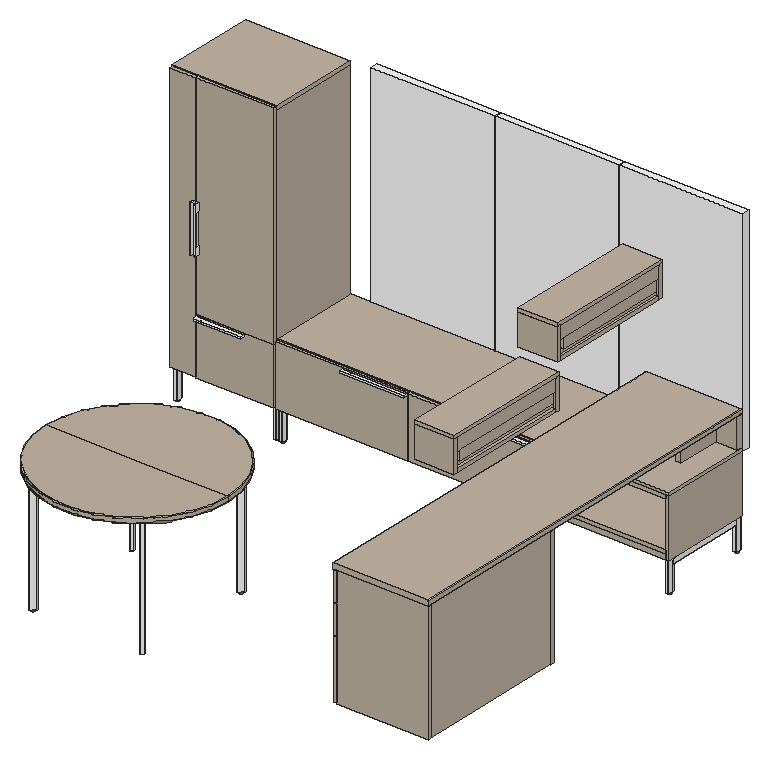
Revit family "FLT005", category Furniture, Revit 2019 (continued)
Definition of nested family "JSI-Flux_9_D_Wall_Mount_Cub"
  Dimensions and locks (in)
    aligned and locked: curve 13 to Extrusion 10
    aligned and locked: curve 14 to Extrusion 6
    aligned and locked: curve 15 to Extrusion 6
    aligned and locked: curve 16 to Extrusion 7
    aligned and locked: curve 17 to Extrusion 7
    aligned and locked: curve 18 to Extrusion 10
    aligned and locked: curve 19 to Extrusion 10
  Automatic sketch dimensions
    Extrusion 6 sketch curve to Extrusion 6 sketch curve = 0' - 0 3/4"
    Extrusion 6 sketch curve to Extrusion 6 sketch curve = 0' - 7 7/16"
    Extrusion 7 sketch curve to Extrusion 7 sketch curve = 0' - 0 3/4"
    Extrusion 7 sketch curve to Extrusion 7 sketch curve = 0' - 7 7/16"
    Extrusion 10 sketch curve to Extrusion 10 sketch curve = 0' - 0 3/4"
    Extrusion 10 sketch curve to Extrusion 10 sketch curve = 0' - 7 7/16"
    curve 8 to curve 14 = 0' - 0 3/4"
    curve 15 to curve 9 = 0' - 7 7/16"
    curve 10 to curve 16 = 0' - 0 3/4"
    curve 17 to curve 11 = 0' - 7 7/16"
    curve 12 to curve 18 = 0' - 0 3/4"
    curve 19 to curve 13 = 0' - 7 7/16"
  Nested families (in)
    nested 1: "Label 1-16 OH" at (11.93587, 1.75, 0), type "OH DOORS"
  Definition of nested family "Label 1-16 OH"
    Parameters
      Width = 0' - 1"
      Model Name = "6 Doors"
    Reference planes (in)
      plane 1: y = 0
      plane 2: x = 0
    Text (in)
      label "XX" at (0.00051, -0.12324, 0), shows "Model Name"
Definition of nested family "JSI-Flux-Round_Table"
  Parameters (values of type "FLT4242RT,Laminate 42x42 Round Table")
    Worksurface = none
    Width = 3' - 6"
    URL = "www.jsifurniture.com"
    Type Comments = ""
    Series = "FLUX"  # constant formula
    Legs = none
    Model = "FLT4242RT"
    Material = ""
    Manufacturer = "JSI"  # constant formula
    Keynote = "12500"
    JSI Enviromental Website = "http://www.jsifurniture.com/jsi_sustainability_intro.php"
    Height = 2' - 5"
    Glides = none
    Description = "Round Table, Depth 42”, Width 42”, Height 29”, Laminate"
    Depth = 3' - 6"
    Assembly Code = "E2020200"
  Types (4): name | Width | Model | Description | Depth
    FLT4242RT,Laminate 42x42 Round Table | 3' - 6" | "FLT4242RT" | "Round Table, Depth 42”, Width 42”, Height 29”, Laminate" | 3' - 6"
    FLT4848RT,Laminate 48x48 Round Table | 4' - 0" | "FLT4848RT" | "Round Table, Depth 48”, Width 48”, Height 29”, Laminate" | 4' - 0"
    FLV4242RT,Veneer 42x42 Round Table | 3' - 6" | "FLV4242RT" | "Round Table, Depth 42”, Width 42”, Height 29”, Venner" | 3' - 6"
    FLV4848RT,Veneer 48x48 Round Table | 4' - 0" | "FLV4848RT" | "Round Table, Depth 48”, Width 48”, Height 29”, Venner" | 4' - 0"
  Reference planes (in)
    plane 1: z = 0
    plane 2 "Center (Left/Right)": x = -36.06413
    plane 3: z = 29
    plane 4: z = 27.8125
    plane 5 "Center (Front/Back)": y = 10.75
    plane 6: z = 0.3125
    plane 7: y = 31.75
    plane 8: y = -10.25
    plane 9: x = -57.06413
    plane 10: x = -15.06413
    plane 11: x = -48.32195
    plane 12: y = 24.83038
    plane 13: x = -23.80632
    plane 14: y = 24.83038
    plane 15: x = -23.80632
    plane 16: y = -3.33038
    plane 17: x = -48.32195
    plane 18: y = -3.33038
  Forms (in)
    Revolve 1, solid, material <- "Worksurface"
      sketch origin (0, 10.75, 0) x (1, 0, 0) y (0, 0, 1)
        loop
          line (-36.06413, 29) -> (-56.93913, 29)
          arc (-56.93913, 29) -> (-57.02752, 28.96339) -> (-57.06413, 28.875) r 0.125
          line (-57.06413, 28.875) -> (-57.06413, 27.9375)
          arc (-57.06413, 27.9375) -> (-57.02752, 27.84911) -> (-56.93913, 27.8125) r 0.125
          line (-56.93913, 27.8125) -> (-36.06413, 27.8125) -> (-36.06413, 29)
        axis (-36.06413, 29) -> (-36.06413, 27.8125)
      angle from 0 to 360
  Lines and regions (in)
    symbolic lines
      curve 1: circle (-36.06413, 10.75, 0) r 21 normal (0, 0, 1)
  Dimensions and locks (in)
    "Height": plane 3 to level
    locked: plane 3 to plane 4 at 1.1875
    equal spacing: plane 9, plane 2 "Center (Left/Right)", plane 10
    "Width": plane 9 to plane 10
    equal spacing: plane 7, plane 5 "Center (Front/Back)", plane 8
    "Depth": plane 7 to plane 8
    equal spacing: plane 11, plane 2 "Center (Left/Right)", plane 13
    equal spacing: plane 12, plane 5 "Center (Front/Back)", plane 18
    equal spacing: plane 14, plane 5 "Center (Front/Back)", plane 16
    locked: plane 9 to plane 11 at 8.74219
    equal spacing: plane 17, plane 2 "Center (Left/Right)", plane 15
    locked: plane 9 to plane 17 at 8.74219
    locked: plane 8 to plane 18 at 6.91962
    locked: plane 8 to plane 16 at 6.91962
    "Width": diameter of curve 1
    aligned and locked: level to plane 1
    aligned and locked: plane 3 to Revolve 1 sketch curve
    aligned and locked: Revolve 1 sketch curve to plane 4
    aligned and locked: Revolve 1 sketch curve to plane 9
    aligned and locked: plane 12 to nested 1
    aligned and locked: plane 11 to nested 1
    aligned and locked: nested 2 to plane 14
    aligned and locked: nested 2 to plane 13
    aligned and locked: plane 16 to nested 3
    aligned and locked: plane 15 to nested 3
    aligned and locked: nested 4 to plane 18
    aligned and locked: nested 4 to plane 17
  Automatic sketch dimensions
    curve 1 to plane 2 "Center (Left/Right)" = 0' - 0"
    plane 5 "Center (Front/Back)" to curve 1 = 0' - 0"
    Revolve 1 sketch curve to plane 2 "Center (Left/Right)" = 0' - 0"  (x2)
    plane 9 to Revolve 1 sketch curve = 0' - 0 1/8"
    plane 4 to Revolve 1 sketch curve = 0' - 0 1/8"
    plane 4 to Revolve 1 sketch curve = 0' - 0.54218"
    Revolve 1 sketch curve to Revolve 1 sketch curve = 0' - 0 1/4"
  Nested families (in)
    nested 1: "Leg" at (-48.32195, 24.83038, 0) x (0, -1, 0) z (0, 0, 1), Legs <- "Legs", Glide <- "Glides", type "LG"
      with Legs none, Glide none
    nested 2: "Leg" at (-23.80632, 24.83038, 0) x (0, -1, 0) z (0, 0, 1), Legs <- "Legs", Glide <- "Glides", type "LG"
      with Legs none, Glide none
    nested 3: "Leg" at (-23.80632, -3.33038, 0) x (0, 1, 0) z (0, 0, 1), Legs <- "Legs", Glide <- "Glides", type "LG"
      with Legs none, Glide none
    nested 4: "Leg" at (-48.32195, -3.33038, 0) x (0, 1, 0) z (0, 0, 1), Legs <- "Legs", Glide <- "Glides", type "LG"
      with Legs none, Glide none
  Definition of nested family "Leg"
    Parameters
      Legs [instance] = none
      Glide [instance] = none
    Reference planes (in)
      plane 1 "Center (Front/Back)": y = 0
      plane 2: z = 0
      plane 3 "Center (Left/Right)": x = 0
      plane 4: x = -0.88352
      plane 5: x = 0.65569
      plane 6: y = 0.46982
      plane 7: y = -1.06939
    Forms (in)
      Extrusion 1, solid, material <- "Legs"
        sketch origin (34.9997, 9.50018, 0) x (1, 0, 0) y (0, 1, 0)
          loop
            arc (-30.38391, -10.50689) -> (-30.11713, -10.39543) -> (-30.00893, -10.12732) r 0.375
            arc (-30.00893, -10.12732) -> (-31.62105, -6.30369) -> (-35.44602, -4.69477) r 5.49995
            arc (-35.44602, -4.69477) -> (-35.71119, -4.80461) -> (-35.82102, -5.06977) r 0.375
            line (-35.82102, -5.06977) -> (-35.82102, -9.69623)
            arc (-35.82102, -9.69623) -> (-35.79769, -9.8018) -> (-35.73264, -9.88817) r 0.25458
            line (-35.73264, -9.88817) -> (-34.89295, -9.04848)
            arc (-34.89295, -9.04848) -> (-34.84875, -9.03018) -> (-34.80456, -9.04848) r 0.0625
            line (-34.80456, -9.04848) -> (-34.36262, -9.49042)
            arc (-34.36262, -9.49042) -> (-34.34431, -9.53462) -> (-34.36262, -9.57881) r 0.0625
            line (-34.36262, -9.57881) -> (-35.20231, -10.4185)
            arc (-35.20231, -10.4185) -> (-35.11594, -10.48355) -> (-35.01036, -10.50689) r 0.25458
            line (-35.01036, -10.50689) -> (-30.38391, -10.50689)
        from 27.625 to 27.8125
      Sweep 2, solid, material <- "Legs"
        path origin (34.28359, 17.38176, 0) x (0.707107, 0.707107, 0) y (0, 0, 1)
          loop
            line (-35.2498, 0.3125) -> (-35.2498, 27.8125)
        profile origin (9.35821, -7.54361, 14.0625) x (-0.707107, -0.707107, 0) y (0.707107, -0.707107, 0)
          loop
            line (0.82565, -11.50781) -> (0.82565, -12.13281)
            arc (0.82565, -12.13281) -> (0.84395, -12.17701) -> (0.88815, -12.19531) r 0.0625
            line (0.88815, -12.19531) -> (2.26315, -12.19531)
            arc (2.26315, -12.19531) -> (2.30734, -12.17701) -> (2.32565, -12.13281) r 0.0625
            line (2.32565, -12.13281) -> (2.32565, -11.50781)
            arc (2.32565, -11.50781) -> (2.30734, -11.46362) -> (2.26315, -11.44531) r 0.0625
            line (2.26315, -11.44531) -> (0.88815, -11.44531)
            arc (0.88815, -11.44531) -> (0.84395, -11.46362) -> (0.82565, -11.50781) r 0.0625
      Extrusion 3, solid, material <- "Glide"
        sketch origin (0, 0, 0) x (1, 0, 0) y (0, 1, 0)
          loop
            circle (-0.10172, -0.29499) r 0.44922
        from 0 to 0.3125
    Lines and regions (in)
      symbolic lines, detail levels fine
        curve 1: line (0.10705, 0.45152, 0) -> (-0.86522, -0.52075, 0)
        curve 2: arc (-0.86522, -0.52075, 0) -> (-0.88352, -0.56495, 0) -> (-0.86522, -0.60914, 0) r 0.0625
        curve 3: line (-0.86522, -0.60914, 0) -> (-0.42328, -1.05108, 0)
        curve 4: arc (-0.42328, -1.05108, 0) -> (-0.37908, -1.06939, 0) -> (-0.33489, -1.05108, 0) r 0.0625
        curve 5: line (-0.33489, -1.05108, 0) -> (0.63738, -0.07881, 0)
        curve 6: arc (0.63738, -0.07881, 0) -> (0.65569, -0.03462, 0) -> (0.63738, 0.00958, 0) r 0.0625
        curve 7: line (0.63738, 0.00958, 0) -> (0.19544, 0.45152, 0)
        curve 8: arc (0.19544, 0.45152, 0) -> (0.15125, 0.46982, 0) -> (0.10705, 0.45152, 0) r 0.0625
        curve 9: arc (4.99076, -0.62713, 0) -> (3.37865, 3.19649, 0) -> (-0.44633, 4.80541, 0) r 5.49995
        curve 10: arc (-0.44633, 4.80541, 0) -> (-0.71149, 4.69558, 0) -> (-0.82133, 4.43041, 0) r 0.375
        curve 11: line (-0.82133, 4.43041, 0) -> (-0.82133, -0.19605, 0)
        curve 12: arc (-0.82133, -0.19605, 0) -> (-0.79799, -0.30162, 0) -> (-0.73294, -0.38799, 0) r 0.25458
        curve 13: line (-0.73294, -0.38799, 0) -> (0.10675, 0.4517, 0)
        curve 14: arc (0.10675, 0.4517, 0) -> (0.15094, 0.47001, 0) -> (0.19514, 0.4517, 0) r 0.0625
        curve 15: line (0.19514, 0.4517, 0) -> (0.63708, 0.00976, 0)
        curve 16: arc (0.63708, 0.00976, 0) -> (0.65538, -0.03443, 0) -> (0.63708, -0.07863, 0) r 0.0625
        curve 17: line (0.63708, -0.07863, 0) -> (-0.20261, -0.91832, 0)
        curve 18: arc (-0.20261, -0.91832, 0) -> (-0.11624, -0.98337, 0) -> (-0.01067, -1.00671, 0) r 0.25458
        curve 19: line (-0.01067, -1.00671, 0) -> (4.61579, -1.00671, 0)
        curve 20: arc (4.61579, -1.00671, 0) -> (4.88257, -0.89525, 0) -> (4.99076, -0.62713, 0) r 0.375
        curve 21: circle (-0.10172, -0.29499, 0) r 0.44922 normal (0, 0, 1)
    Dimensions and locks (in)
      aligned and locked: plane 2 to level
      aligned and locked: curve 9 to Extrusion 1
      aligned and locked: curve 10 to Extrusion 1
      aligned and locked: curve 11 to Extrusion 1
      aligned and locked: curve 12 to Extrusion 1
      aligned and locked: curve 13 to Extrusion 1
      aligned and locked: curve 14 to Extrusion 1
      aligned and locked: curve 15 to Extrusion 1
      aligned and locked: curve 16 to Extrusion 1
      aligned and locked: curve 17 to Extrusion 1
      aligned and locked: curve 18 to Extrusion 1
      aligned and locked: curve 19 to Extrusion 1
      aligned and locked: curve 20 to Extrusion 1
      aligned and locked: curve 21 to Extrusion 3
Definition of nested family "JSI-Flux-Pensl_Crednz"
  Parameters (values of type "Type Catalog - Pnsl Crdnz")
    Width = 8' - 0"
    V_Top_Support_Dist = if(Pdst_L, Width - 0' 0 1/16" - 0' 1 3/16", 0' 0 1/16")  # 7' - 10 3/4"
    V_Door_Void_Dist = if(C7, (if(Pdst_Width > 1' 10", 0' 0", 0' 2")), (if(C8, 0' 0", 0' 2")))  # 0' - 2"
    Top_V_Door_Void_Dist = if(C, 0' 0", 0' 2")  # 0' - 2"
    Top_Right_Pull_Dist = if(C3, (if(Width > 4' 6", (if(Pdst_L, Pdst_Width - 0' 0 7/32" - Pull Width, 0' 0 7/32")), ((Pdst_Width - Pull Width) / 2))), if(C4, (if(Width > 4' 6", (if(Pdst_L, Pdst_Width - 0' 0 7/32" - Pull Width, 0' 0 7/32")), ((Pdst_Width - Pull Width) / 2))), ((if(Pdst_Width > 1' 10", (Pdst_Width / 2) + 0' 0 7/32", (if(C7, (if(L, (Pdst_Width - Pull Width - 0' 0 7/32"), 0' 0 7/32")), (if(Width > 4' 6", (if(Pdst_L, Pdst_Width - 0' 0 7/32" - Pull Width, 0' 0 7/32")), ((Pdst_Width - Pull Width) / 2))))))))))  # 1' - 8 29/32"
    Top_Left_Pull_Dist = if(C3, (if(Width > 4' 6", (if(Pdst_L, Pdst_Width - 0' 0 7/32" - Pull Width, 0' 0 7/32")), ((Pdst_Width - Pull Width) / 2))), if(C4, (if(Width > 4' 6", (if(Pdst_L, Pdst_Width - 0' 0 7/32" - Pull Width, 0' 0 7/32")), ((Pdst_Width - Pull Width) / 2))), (if(Pdst_Width > 1' 10", ((Pdst_Width / 2) - 0' 0 7/32" - Pull Width), (if(C7, (if(L, (Pdst_Width - Pull Width - 0' 0 7/32"), 0' 0 7/32")), (if(Width > 4' 6", (if(Pdst_L, Pdst_Width - 0' 0 7/32" - Pull Width, 0' 0 7/32")), ((Pdst_Width - Pull Width) / 2)))))))))  # 1' - 8 29/32"
    Top Shelf = if(C8, 2 > 1, 1 > 2)  # no
    Top Pull V_Dist = if(C8, 0' 7 5/64", 0' 0 3/16")  # 0' - 0 3/16"
    Top Door = if(C8, 1 > 2, (if(C0, 1 > 2, 2 > 1)))  # yes
    Top = none
    URL = "www.jsifurniture.com"
    Type Comments = ""
    T_R_Pull = if(C0, 1 > 2, 2 > 1)  # yes
    T_L_Pull = if(C0, 1 > 2, 2 > 1)  # yes
    TAG = if(C1, "BBF", (if(C2, "FF", (if(C3, "BBF", (if(C4, "FF", (if(C8, "2 Doors", (if(C0, "Open", (if(C, "BBF", (if(C7, (if(Pdst_Width > 1' 10", "2 Doors", "1 Door")), "2 Doors")))))))))))))))  # "BBF"
    Shelf Height = if(Top Shelf, 1' 0 17/32", 0' 11 3/32")  # 0' - 11 3/32"
    Shelf = none
    Series = "FLUX"  # constant formula
    R_Door_Void_Dist = if(C1, 0' 0", (if(C3, 0' 0", (if(C, (if(L, 0' 0", 0' 2")), 0' 2")))))  # 0' - 0"
    Pull Width = if(C4, 1' 2 7/8", (if(C3, 1' 2 7/8", 0' 10 27/32")))  # 1' - 2 7/8"
    Pull Finish = none
    Pdst_Width = if(C1, 1' 6", (if(C2, 1' 6", 3' 0")))  # 3' - 0"
    Pdst_L = yes
    Pdst_Dist = if(Pdst_L, 0' 0 1/16", Width - Pdst_Width - 0' 0 1/16")  # 0' - 0 1/16"
    Pdst_Depth = Depth - 0' 0 1/4"  # 1' - 9 13/16"
    Model = ""
    Manufacturer = "JSI"  # constant formula
    C8 = no
    C7 = no
    C4 = no
    C3 = yes
    C2 = no
    C1 = no
    C0 = no
    C = no
    L_Door_Void_Dist = if(C1, 0' 0", (if(C3, 0' 0", (if(C, (if(L, 0' 2", 0' 0")), 0' 2")))))  # 0' - 0"
    L = no
    Keynote = "12500"
    JSI Enviromental Website = "http://www.jsifurniture.com/jsi_sustainability_intro.php"
    Height = 2' - 5"
    H_Top_Support_Dist = if(Pdst_L, Width - 0' 1 3/16" - 0' 10" - 0' 0 1/16", 0' 0 1/16" + 0' 1 3/16")  # 7' - 0 3/4"
    Glides = none
    Drawer Line = if(C1, 2 > 1, (if(C2, 2 > 1, (if(C3, 2 > 1, (if(C4, 2 > 1, (if(C, 2 > 1, (if(C7, (if(Pdst_Width > 1' 10", 1 > 2, 2 > 1)), 1 > 2)))))))))))  # yes
    Doors Line = if(C, 2 > 1, 1 > 2)  # no
    Door Line = if(C7, (if(Pdst_Width > 1' 10", 2 > 1, 1 > 2)), (if(C8, 2 > 1, (if(C, 2 > 1, 1 > 2)))))  # no
    Door Height = if(C7, (Height - 0' 0 5/16" - 0' 0 1/4" - 0' 1 3/16"), (if(C8, (Height - 0' 0 5/16" - 0' 7 3/32" - 0' 1 3/16"), (Height - 0' 0 5/16" - 0' 0 1/4" - 0' 0 1/8" - 0' 1 3/16") / 2)))  # 1' - 1 9/16"
    Depth = 1' - 10 1/16"
    C_Shelf = if(C0, 2 > 1, (if(C1, 2 > 1, (if(C2, 2 > 1, (if(C7, 2 > 1, (if(C8, 2 > 1, 1 > 2)))))))))  # no
    C_Pull_Dist = if(C, (if(L, ((Pdst_Width / 2) + 0' 0 7/32"), ((Pdst_Width / 2) - 0' 0 7/32" - Pull Width))), (if(C1, (if(Width > 4' 6", (if(Pdst_L, Pdst_Width - 0' 0 7/32" - Pull Width, 0' 0 7/32")), ((Pdst_Width - Pull Width) / 2))), (if(C3, (if(Width > 4' 6", (if(Pdst_L, Pdst_Width - 0' 0 7/32" - Pull Width, 0' 0 7/32")), ((Pdst_Width - Pull Width) / 2))), Pdst_Width)))))  # 1' - 8 29/32"
    C_Pull = if(C, 2 > 1, (if(C1, 2 > 1, (if(C3, 2 > 1, 1 > 2)))))  # yes
    C_Partition = if(C0, 1 > 2, (if(C1, 1 > 2, (if(C2, 1 > 2, (if(C3, 1 > 2, (if(C4, 1 > 2, (if(C7, 1 > 2, (if(C8, 1 > 2, 2 > 1)))))))))))))  # no
    Bottom_Pull_Dist = if(C, ((Pdst_Width - BT_Pull_Width) / 2), (if(Pdst_L, Pdst_Width - 0' 0 7/32" - BT_Pull_Width, 0' 0 7/32")))  # 1' - 8 29/32"
    Bottom Panel Dist = if(C7, 0' 0", (if(C8, 0' 0", (if(C0, 0' 0", 0' 5 1/8")))))  # 0' - 5 1/8"
    Bottom Door = if(C0, 1 > 2, 2 > 1)  # yes
    Back Panel = none
    Door Front = none
    Description = ""
    Chassis = none
    BT_Pull_Width = if(C2, (if(Pdst_Width > 1' 10", 1' 2 7/8", 0' 10 27/32")), (if(C4, (if(Pdst_Width > 1' 10", 1' 2 7/8", 0' 10 27/32")), (if(C3, (if(Pdst_Width > 1' 10", 1' 2 7/8", 0' 10 27/32")), (if(C, (if(Pdst_Width > 1' 10", 1' 2 7/8", 0' 10 27/32")), 0' 10 27/32")))))))  # 1' - 2 7/8"
    BT_Pull_Line = if(C0, 1 > 2, 1 > 2)  # no
    BT_Pull = if(C7, 1 > 2, (if(C8, 1 > 2, (if(C0, 1 > 2, 2 > 1)))))  # yes
    Assembly Code = "E2020200"
  Reference planes (in)
    plane 1: z = 0
    plane 2 "Center (Left/Right)": x = -36.06413
    plane 3 "Center (Front/Back)": y = 10.75
    plane 4: x = -36.00163
    plane 5: x = -35.25163
    plane 6: x = -0.00163
    plane 7: x = -0.75163
    plane 8: y = -11.1875
    plane 9: y = 10.625
    plane 10: y = 9.875
    plane 11: x = -18.00163
    plane 12: y = -10.4375
    plane 13: z = 27.8125
    plane 14: z = 0.3125
    plane 15: z = 1.5
    plane 16: z = 2.25
    plane 17: z = 16.71875
    plane 18: z = 15.96875
    plane 19: z = 27.0625
    plane 20: z = 20.96875
    plane 21: z = 20.21875
    plane 22: z = 25.0625
    plane 23: y = 7.15625
    plane 24: y = 6.71875
    plane 25: y = 2.21875
    plane 26: y = -5.9375
    plane 27: y = -6.4375
    plane 28: y = 5.40625
    plane 29: y = 9.09375
    plane 30: y = -9
    plane 31: x = -34.25163
    plane 32: x = -1.75163
    plane 33: y = 8.59375
    plane 34: y = 6.09375
    plane 35: x = -21.00163
    plane 36: x = -15.00163
    plane 37: x = -18.37663
    plane 38: x = -17.62663
    plane 39: z = 27.6875
    plane 40: z = 0.4375
    plane 41: z = 14
    plane 42: z = 14.125
    plane 43: x = -18.06413
    plane 44: x = -17.93913
    plane 45: x = -35.93913
    plane 46: x = -0.06413
    plane 47: z = 20.84375
    plane 48: z = 20.96875
    plane 49: z = 20.90625
    plane 50: y = -10.4375
    plane 51: y = -11.4375
    plane 52: y = -10.4375
    plane 53: y = -11.4375
    plane 54: y = -12.4375
    plane 55: y = -13.4375
    plane 56: y = -12.4375
    plane 57: y = -13.4375
    plane 58: x = -15.09538
    plane 59: x = -15.09538
    plane 60: x = -15.09538
    plane 61: x = -15.09538
    plane 62: z = 27.5
    plane 63: z = 20.65625
    plane 64: z = 13.8125
    plane 65: z = 29
    plane 66: x = 59.93587
    plane 67: x = 59.87337
    plane 68: x = 58.68587
    plane 69: y = 10.6875
    plane 70: y = -11.3125
    plane 71: z = 22.8125
    plane 72: y = -0.28125
    plane 73: y = 5.23437
    plane 74: y = -5.79688
    plane 75: y = 5.82812
    plane 76: y = 4.64062
    plane 77: y = -5.20313
    plane 78: y = -6.39063
    plane 79: z = 21
    plane 80: x = 58.68587
    plane 81: x = 48.68587
  Forms (in)
    Extrusion 1, solid, material <- "Chassis"
      sketch origin (0, 0, 0) x (0, 1, 0) y (0, 0, 1)
        loop
          line (10.6875, 27.8125) -> (-10.4375, 27.8125) -> (-10.4375, 0.3125) -> (10.6875, 0.3125) -> (10.6875, 27.8125)
      from -36.00163 to -35.25163
    Extrusion 2, solid, material <- "Chassis"
      sketch origin (0, 0, 0) x (0, 1, 0) y (0, 0, 1)
        loop
          line (10.6875, 27.8125) -> (-10.4375, 27.8125) -> (-10.4375, 0.3125) -> (10.6875, 0.3125) -> (10.6875, 27.8125)
      from -0.75163 to -0.00163
    Extrusion 3, solid, material <- "Shelf"
      sketch origin (0, 0, 0) x (0, 1, 0) y (0, 0, 1)
        loop
          line (-6.4375, 1.5) -> (-10.4375, 1.5) -> (-10.4375, 0.3125) -> (-6.4375, 0.3125) -> (-6.4375, 1.5)
      from -35.25163 to -0.75163
    Extrusion 4, solid, material <- "Shelf"
      sketch origin (0, 0, 0) x (0, 1, 0) y (0, 0, 1)
        loop
          line (5.40625, 2.25) -> (-10.4375, 2.25) -> (-10.4375, 1.5) -> (5.40625, 1.5) -> (5.40625, 2.25)
      from -35.25163 to -0.75163
    Extrusion 5, solid, material <- "Top"
      sketch origin (0, 0, 0) x (0, 1, 0) y (0, 0, 1)
        loop
          line (6.71875, 27.0625) -> (6.71875, 27.8125) -> (2.21875, 27.8125) -> (2.21875, 27.0625) -> (6.71875, 27.0625)
      from -35.25163 to -0.75163
    Extrusion 6, solid, material <- "Top"
      sketch origin (0, 0, 0) x (0, 1, 0) y (0, 0, 1)
        loop
          line (-6.4375, 27.8125) -> (-10.4375, 27.8125) -> (-10.4375, 27.0625) -> (-6.4375, 27.0625) -> (-6.4375, 27.8125)
      from -35.25163 to -0.75163
    Extrusion 7, solid, material <- "Glides"
      sketch origin (0, 0, 0) x (1, 0, 0) y (0, 1, 0)
        loop
          circle (-34.25163, 9.09375) r 0.5
      from 0 to 0.3125
    Extrusion 8, solid, material <- "Glides"
      sketch origin (0, 0, 0) x (1, 0, 0) y (0, 1, 0)
        loop
          circle (-1.75163, 9.09375) r 0.5
      from 0 to 0.3125
    Extrusion 9, solid, material <- "Glides"
      sketch origin (0, 0, 0) x (1, 0, 0) y (0, 1, 0)
        loop
          circle (-34.25163, -9) r 0.5
      from 0 to 0.3125
    Extrusion 10, solid, material <- "Glides"
      sketch origin (0, 0, 0) x (1, 0, 0) y (0, 1, 0)
        loop
          circle (-1.75163, -9) r 0.5
      from 0 to 0.3125
    Extrusion 11, solid, material <- "Shelf", visible <- "C_Shelf"
      sketch origin (0, 0, 0) x (0, 1, 0) y (0, 0, 1)
        loop
          line (9.875, 16.71875) -> (-10.4375, 16.71875) -> (-10.4375, 15.96875) -> (9.875, 15.96875) -> (9.875, 16.71875)
      from -35.25163 to -0.75163
    Extrusion 12, solid, material <- "Shelf", visible <- "Top Shelf"
      sketch origin (0, 0, 0) x (1, 0, 0) y (0, 1, 0)
        loop
          line (-0.75163, 9.09375) -> (-35.25163, 9.09375) -> (-35.25163, -10.4375) -> (-0.75163, -10.4375) -> (-0.75163, 9.09375)
        loop
          line (-16.00163, 8.59375) -> (-20.00163, 8.59375)
          arc (-20.00163, 8.59375) -> (-20.70874, 8.30086) -> (-21.00163, 7.59375) r 1
          line (-21.00163, 7.59375) -> (-21.00163, 7.09375)
          arc (-21.00163, 7.09375) -> (-20.70874, 6.38664) -> (-20.00163, 6.09375) r 1
          line (-20.00163, 6.09375) -> (-16.00163, 6.09375)
          arc (-16.00163, 6.09375) -> (-15.29453, 6.38664) -> (-15.00163, 7.09375) r 1
          line (-15.00163, 7.09375) -> (-15.00163, 7.59375)
          arc (-15.00163, 7.59375) -> (-15.29453, 8.30086) -> (-16.00163, 8.59375) r 1
      from 20.21875 to 20.96875
    Extrusion 13, solid, material <- "Chassis", visible <- "C_Partition"
      sketch origin (0, 0, 0) x (0, 1, 0) y (0, 0, 1)
        loop
          line (9.875, 27.0625) -> (-10.4375, 27.0625) -> (-10.4375, 14.0625) -> (9.875, 14.0625) -> (9.875, 27.0625)
      from -18.37663 to -17.62663
    Extrusion 14, solid, material <- "Door Front", visible <- "Top Door"
      sketch origin (0, 0, 0) x (1, 0, 0) y (0, 1, 0)
        loop
          line (-0.06413, -10.4375) -> (-35.93913, -10.4375) -> (-35.93913, -11.1875) -> (-0.06413, -11.1875) -> (-0.06413, -10.4375)
      from 14.125 to 27.6875
    Extrusion 15, solid, material <- "Door Front", visible <- "Bottom Door"
      sketch origin (0, 0, 0) x (1, 0, 0) y (0, 1, 0)
        loop
          line (-35.93913, -10.4375) -> (-35.93913, -11.1875) -> (-0.06413, -11.1875) -> (-0.06413, -10.4375) -> (-35.93913, -10.4375)
      from 0.4375 to 14
    Extrusion 16, void
      sketch origin (0, 0, 0) x (1, 0, 0) y (0, 1, 0)
        loop
          line (-36.00163, -10.4375) -> (-36.00163, -11.4375) -> (-17.93913, -11.4375) -> (-17.93913, -10.4375) -> (-36.00163, -10.4375)
      from 20.84375 to 20.96875
    Extrusion 17, void
      sketch origin (0, 0, 0) x (1, 0, 0) y (0, 1, 0)
        loop
          line (-18.06413, -10.4375) -> (-18.06413, -11.4375) -> (-0.00163, -11.4375) -> (-0.00163, -10.4375) -> (-18.06413, -10.4375)
      from 20.84375 to 20.96875
    Extrusion 18, void
      sketch origin (0, 0, 0) x (1, 0, 0) y (0, 1, 0)
        loop
          line (-18.06413, -12.4375) -> (-18.06413, -13.4375) -> (-17.93913, -13.4375) -> (-17.93913, -12.4375) -> (-18.06413, -12.4375)
      from 14 to 27.8125
    Extrusion 19, void
      sketch origin (0, 0, 0) x (1, 0, 0) y (0, 1, 0)
        loop
          line (-18.06413, -12.4375) -> (-18.06413, -13.4375) -> (-17.93913, -13.4375) -> (-17.93913, -12.4375) -> (-18.06413, -12.4375)
      from 0 to 27.8125
    Extrusion 20, solid, material <- "Back Panel"
      sketch origin (0, 0, 0) x (0, 1, 0) y (0, 0, 1)
        loop
          line (9.875, 27.8125) -> (8.59375, 27.8125) -> (8.59375, 22.8125) -> (9.875, 22.8125) -> (9.875, 27.8125)
      from -35.25163 to -0.75163
    Extrusion 21, solid, material <- "Back Panel"
      sketch origin (0, 0, 0) x (0, 1, 0) y (0, 0, 1)
        loop
          line (10.625, 27.8125) -> (9.875, 27.8125) -> (9.875, 0.3125) -> (10.625, 0.3125) -> (10.625, 27.8125)
      from -35.25163 to -0.75163
    Extrusion 22, solid, material <- "Top"
      sketch origin (0, 0, 0) x (0, 1, 0) y (0, 0, 1)
        loop
          line (10.625, 29) -> (-11.1875, 29)
          arc (-11.1875, 29) -> (-11.27589, 28.96339) -> (-11.3125, 28.875) r 0.125
          line (-11.3125, 28.875) -> (-11.3125, 27.9375)
          arc (-11.3125, 27.9375) -> (-11.27589, 27.84911) -> (-11.1875, 27.8125) r 0.125
          line (-11.1875, 27.8125) -> (10.625, 27.8125)
          arc (10.625, 27.8125) -> (10.71339, 27.84911) -> (10.75, 27.9375) r 0.125
          line (10.75, 27.9375) -> (10.75, 28.875)
          arc (10.75, 28.875) -> (10.71339, 28.96339) -> (10.625, 29) r 0.125
      from -36.06413 to 59.93587
    Extrusion 23, solid, material <- "Chassis"
      sketch origin (0, 0, 0) x (1, 0, 0) y (0, 1, 0)
        loop
          line (58.68587, 5.82812) -> (48.68587, 5.82812) -> (48.68587, 4.64062) -> (58.68587, 4.64062) -> (58.68587, 5.82812)
      from 21 to 27.8125
    Extrusion 24, solid, material <- "Chassis"
      sketch origin (0, 0, 0) x (1, 0, 0) y (0, 1, 0)
        loop
          line (48.68587, -5.20313) -> (48.68587, -6.39063) -> (58.68587, -6.39063) -> (58.68587, -5.20313) -> (48.68587, -5.20313)
      from 21 to 27.8125
    Extrusion 25, solid, material <- "Chassis"
      sketch origin (0, 0, 0) x (1, 0, 0) y (0, 1, 0)
        loop
          line (58.68587, 10.75) -> (58.68587, -11.3125) -> (59.87337, -11.3125) -> (59.87337, 10.75) -> (58.68587, 10.75)
      from 21 to 27.8125
  Cuts and joins
    Extrusion 16, Extrusion 17, Extrusion 18, Extrusion 19 cuts Extrusion 14
    Extrusion 19 cuts Extrusion 15
  Lines and regions (in)
    symbolic lines, visible <- "C_Partition", detail levels medium+fine
      curve 1: line (-18.37663, 9.875, 0) -> (-18.37663, -10.4375, 0)
      curve 2: line (-17.62663, 9.875, 0) -> (-17.62663, -10.4375, 0)
      curve 3: line (-17.62663, 9.875, 0) -> (-18.37663, 9.875, 0)
      curve 4: line (-17.62663, -10.4375, 0) -> (-18.37663, -10.4375, 0)
    symbolic lines
      curve 5: line (-36.06413, 10.75, 0) -> (-36.06413, -11.3125, 0)
      curve 6: line (59.93587, 10.75, 0) -> (-36.06413, 10.75, 0)
      curve 7: line (59.93587, -11.3125, 0) -> (-36.06413, -11.3125, 0)
      curve 8: line (59.93587, 10.75, 0) -> (59.93587, -11.3125, 0)
    symbolic lines, detail levels medium+fine
      curve 9: line (58.68587, 10.75, 0) -> (58.68587, -11.3125, 0)
      curve 10: line (59.87337, 10.75, 0) -> (59.87337, -11.3125, 0)
      curve 11: line (59.87337, 10.75, 0) -> (58.68587, 10.75, 0)
      curve 12: line (59.87337, -11.3125, 0) -> (58.68587, -11.3125, 0)
      curve 13: line (58.68587, 5.82812, 0) -> (48.68587, 5.82812, 0)
      curve 14: line (58.68587, 4.64062, 0) -> (48.68587, 4.64062, 0)
      curve 15: line (48.68587, 5.82812, 0) -> (48.68587, 4.64062, 0)
      curve 16: line (58.68587, 5.82812, 0) -> (58.68587, 4.64062, 0)
      curve 17: line (58.68587, -5.20313, 0) -> (48.68587, -5.20313, 0)
      curve 18: line (58.68587, -6.39063, 0) -> (48.68587, -6.39063, 0)
      curve 19: line (48.68587, -5.20313, 0) -> (48.68587, -6.39063, 0)
      curve 20: line (58.68587, -5.20313, 0) -> (58.68587, -6.39063, 0)
      curve 21: line (-0.75163, 10.625, 0) -> (-35.25163, 10.625, 0)
      curve 22: line (-0.75163, 9.875, 0) -> (-35.25163, 9.875, 0)
      curve 23: line (-36.00163, 10.6875, 0) -> (-36.00163, -10.4375, 0)
      curve 24: line (-35.25163, 10.6875, 0) -> (-35.25163, -10.4375, 0)
      curve 25: line (-35.25163, 10.6875, 0) -> (-36.00163, 10.6875, 0)
      curve 26: line (-35.25163, -10.4375, 0) -> (-36.00163, -10.4375, 0)
      curve 27: line (-0.75163, 10.6875, 0) -> (-0.75163, -10.4375, 0)
      curve 28: line (-0.00163, 10.6875, 0) -> (-0.00163, -10.4375, 0)
      curve 29: line (-0.00163, 10.6875, 0) -> (-0.75163, 10.6875, 0)
      curve 30: line (-0.00163, -10.4375, 0) -> (-0.75163, -10.4375, 0)
  Dimensions and locks (in)
    "Pdst_Width": plane 4 to plane 6
    equal spacing: plane 4, plane 11, plane 6
    plane 10 to plane 9 to plane 3 "Center (Front/Back)" = 0' - 0 3/4" locked, 0' - 0 1/8" locked
    locked: plane 8 to plane 12 at 0.75
    plane 4 to plane 5 to plane 31 = 0' - 0 3/4" locked, 0' - 1" locked
    plane 32 to plane 7 to plane 6 = 0' - 1" locked, 0' - 0 3/4" locked
    locked: plane 13 to plane 19 at 0.75
    locked: plane 17 to plane 18 at 0.75
    locked: plane 14 to plane 1 at 0.3125
    plane 16 to plane 15 to plane 14 = 0' - 0 3/4" locked, 0' - 1 3/16" locked
    "Shelf Height": plane 13 to plane 17
    locked: plane 20 to plane 21 at 0.75
    locked: plane 13 to plane 20 at 6.84375
    locked: plane 13 to plane 22 at 2.75
    plane 25 to plane 24 to plane 23 to plane 3 "Center (Front/Back)" = 0' - 4 1/2" locked, 0' - 0 7/16" locked, 0' - 3 19/32" locked
    locked: plane 12 to plane 26 at 4.5
    locked: plane 12 to plane 27 at 4
    locked: plane 29 to plane 3 "Center (Front/Back)" at 1.65625
    locked: plane 12 to plane 30 at 1.4375
    plane 34 to plane 33 to plane 10 = 0' - 2 1/2" locked, 0' - 1 9/32" locked
    locked: plane 35 to plane 36 at 6
    equal spacing: plane 35, plane 11, plane 36
    plane 37 to plane 11 to plane 38 = 0' - 0 3/8" locked, 0' - 0 3/8" locked
    locked: plane 13 to plane 39 at 0.125
    locked: plane 16 to plane 40 at 1.8125
    "Door Height": plane 41 to plane 40
    "Door Height": plane 39 to plane 42
    plane 43 to plane 11 to plane 44 = 0' - 0 1/16" locked, 0' - 0 1/16" locked
    locked: plane 4 to plane 45 at 0.0625
    locked: plane 46 to plane 6 at 0.0625
    plane 48 to plane 49 to plane 47 = 0' - 0 1/16" locked, 0' - 0 1/16" locked
    equal spacing: plane 39, plane 49, plane 42
    locked: plane 51 to plane 50 at 1
    locked: plane 53 to plane 52 at 1
    "L_Door_Void_Dist": plane 50 to plane 12
    "R_Door_Void_Dist": plane 52 to plane 12
    locked: plane 55 to plane 54 at 1
    "Top_V_Door_Void_Dist": plane 54 to plane 12
    locked: plane 57 to plane 56 at 1
    "V_Door_Void_Dist": plane 56 to plane 12
    locked: plane 47 to plane 63 at 0.1875
    "Top Pull V_Dist": plane 39 to plane 62
    locked: plane 41 to plane 64 at 0.1875
    "Top_Left_Pull_Dist": plane 4 to plane 58
    "Top_Right_Pull_Dist": plane 4 to plane 59
    "C_Pull_Dist": plane 4 to plane 60
    "Bottom_Pull_Dist": plane 4 to plane 61
    "Height": plane 65 to plane 1
    "Pdst_Dist": plane 2 "Center (Left/Right)" to plane 4
    "Pdst_Depth": plane 8 to plane 9
    locked: plane 69 to plane 3 "Center (Front/Back)" at 0.0625
    locked: plane 70 to plane 8 at 0.125
    "Depth": plane 70 to plane 3 "Center (Front/Back)"
    locked: plane 13 to plane 71 at 5
    "Width": plane 2 "Center (Left/Right)" to plane 66
    equal spacing: plane 70, plane 72, plane 3 "Center (Front/Back)"
    equal spacing: plane 72, plane 73, plane 3 "Center (Front/Back)"
    equal spacing: plane 70, plane 74, plane 72
    locked: plane 78 to plane 77 at 1.1875
    locked: plane 74 to plane 77 at 0.59375
    locked: plane 76 to plane 75 at 1.1875
    locked: plane 73 to plane 75 at 0.59375
    locked: plane 13 to plane 79 at 6.8125
    locked: plane 81 to plane 80 at 10
    locked: plane 68 to plane 67 at 1.1875
    "H_Top_Support_Dist": plane 2 "Center (Left/Right)" to plane 81
    "V_Top_Support_Dist": plane 2 "Center (Left/Right)" to plane 68
    locked: curve 25 to curve 26 at 21.125
    locked: curve 29 to curve 30 at 21.125
    locked: curve 23 to curve 24 at 0.75
    locked: curve 27 to curve 28 at 0.75
    curve 29 to curve 30 = 1' - 9 1/8"
    radius of Extrusion 7 sketch curve = 0' - 0 1/2"
    radius of Extrusion 8 sketch curve = 0' - 0 1/2"
    radius of Extrusion 9 sketch curve = 0' - 0 1/2"
    radius of Extrusion 10 sketch curve = 0' - 0 1/2"
    aligned and locked: level to plane 1
    aligned and locked: plane 13 to Extrusion 1 sketch curve
    aligned and locked: plane 12 to Extrusion 1 sketch curve
    aligned and locked: plane 14 to Extrusion 1 sketch curve
    aligned and locked: Extrusion 1 to plane 4
    aligned and locked: plane 5 to Extrusion 1
    aligned and locked: plane 13 to Extrusion 2 sketch curve
    aligned and locked: plane 12 to Extrusion 2 sketch curve
    aligned and locked: plane 14 to Extrusion 2 sketch curve
    aligned and locked: Extrusion 2 to plane 7
    aligned and locked: plane 6 to Extrusion 2
    aligned and locked: plane 27 to Extrusion 3 sketch curve
    aligned and locked: plane 12 to Extrusion 3 sketch curve
    aligned and locked: plane 15 to Extrusion 3 sketch curve
    aligned and locked: plane 14 to Extrusion 3 sketch curve
    aligned and locked: Extrusion 3 to plane 5
    aligned and locked: plane 7 to Extrusion 3
    aligned and locked: plane 16 to Extrusion 4 sketch curve
    aligned and locked: plane 15 to Extrusion 4 sketch curve
    aligned and locked: plane 12 to Extrusion 4 sketch curve
    aligned and locked: plane 28 to Extrusion 4 sketch curve
    aligned and locked: Extrusion 4 to plane 5
    aligned and locked: plane 7 to Extrusion 4
    aligned and locked: plane 19 to Extrusion 5 sketch curve
    aligned and locked: plane 13 to Extrusion 5 sketch curve
    aligned and locked: plane 24 to Extrusion 5 sketch curve
    aligned and locked: plane 25 to Extrusion 5 sketch curve
    aligned and locked: plane 27 to Extrusion 6 sketch curve
    aligned and locked: plane 12 to Extrusion 6 sketch curve
    aligned and locked: plane 19 to Extrusion 6 sketch curve
    aligned and locked: plane 13 to Extrusion 6 sketch curve
    aligned and locked: Extrusion 6 to plane 5
    aligned and locked: Extrusion 5 to plane 5
    aligned and locked: plane 7 to Extrusion 6
    aligned and locked: plane 7 to Extrusion 5
    aligned and locked: Extrusion 7 to plane 1
    aligned and locked: Extrusion 9 to plane 1
    aligned and locked: Extrusion 8 to plane 1
    aligned and locked: Extrusion 10 to plane 1
    aligned and locked: plane 14 to Extrusion 7
    aligned and locked: plane 14 to Extrusion 9
    aligned and locked: plane 14 to Extrusion 8
    aligned and locked: plane 14 to Extrusion 10
    aligned and locked: plane 17 to Extrusion 11 sketch curve
    aligned and locked: plane 18 to Extrusion 11 sketch curve
    aligned and locked: plane 12 to Extrusion 11 sketch curve
    aligned and locked: Extrusion 11 to plane 5
    aligned and locked: plane 7 to Extrusion 11
    aligned and locked: Extrusion 12 sketch curve to plane 29
    aligned and locked: Extrusion 12 sketch curve to plane 5
    aligned and locked: Extrusion 12 sketch curve to plane 7
    aligned and locked: Extrusion 12 sketch curve to plane 12
    aligned and locked: plane 20 to Extrusion 12
    aligned and locked: Extrusion 12 to plane 21
    aligned and locked: Extrusion 12 sketch curve to plane 33
    aligned and locked: Extrusion 12 sketch curve to plane 34
    aligned and locked: Extrusion 12 sketch curve to plane 35
    aligned and locked: Extrusion 12 sketch curve to plane 36
    aligned and locked: plane 10 to Extrusion 13 sketch curve
    aligned and locked: plane 19 to Extrusion 13 sketch curve
    aligned and locked: plane 12 to Extrusion 13 sketch curve
    aligned and locked: Extrusion 13 to plane 37
    aligned and locked: plane 38 to Extrusion 13
    aligned and locked: Extrusion 14 sketch curve to plane 12
    aligned and locked: Extrusion 14 sketch curve to plane 8
    aligned and locked: Extrusion 14 sketch curve to plane 45
    aligned and locked: Extrusion 14 sketch curve to plane 46
    aligned and locked: plane 39 to Extrusion 14
    aligned and locked: Extrusion 14 to plane 42
    aligned and locked: Extrusion 15 sketch curve to plane 45
    aligned and locked: Extrusion 15 sketch curve to plane 12
    aligned and locked: Extrusion 15 sketch curve to plane 8
    aligned and locked: Extrusion 15 sketch curve to plane 46
    aligned and locked: plane 41 to Extrusion 15
    aligned and locked: Extrusion 15 to plane 40
    aligned and locked: Extrusion 16 sketch curve to plane 4
    aligned and locked: Extrusion 16 sketch curve to plane 50
    aligned and locked: Extrusion 16 sketch curve to plane 51
    aligned and locked: Extrusion 17 sketch curve to plane 52
    aligned and locked: Extrusion 17 sketch curve to plane 53
    aligned and locked: Extrusion 17 sketch curve to plane 6
    aligned and locked: plane 48 to Extrusion 16
    aligned and locked: plane 48 to Extrusion 17
    aligned and locked: Extrusion 16 to plane 47
    aligned and locked: Extrusion 17 to plane 47
    aligned and locked: Extrusion 16 sketch curve to plane 44
    aligned and locked: Extrusion 17 sketch curve to plane 43
    aligned and locked: Extrusion 18 sketch curve to plane 43
    aligned and locked: Extrusion 18 sketch curve to plane 44
    aligned and locked: Extrusion 18 sketch curve to plane 54
    aligned and locked: Extrusion 18 sketch curve to plane 55
    aligned and locked: plane 13 to Extrusion 18
    aligned and locked: Extrusion 18 to plane 41
    aligned and locked: Extrusion 19 sketch curve to plane 43
    aligned and locked: Extrusion 19 sketch curve to plane 44
    aligned and locked: Extrusion 19 sketch curve to plane 57
    aligned and locked: Extrusion 19 sketch curve to plane 56
    aligned and locked: plane 13 to Extrusion 19
    aligned and locked: nested 1 to plane 58
    aligned and locked: nested 2 to plane 59
    aligned and locked: plane 8 to nested 1
    aligned and locked: plane 8 to nested 2
    aligned and locked: nested 3 to plane 60
    aligned and locked: plane 8 to nested 3
    aligned and locked: nested 4 to plane 61
    aligned and locked: plane 8 to nested 4
    aligned and locked: plane 62 to nested 1
    aligned and locked: plane 62 to nested 2
    aligned and locked: plane 63 to nested 3
    aligned and locked: plane 64 to nested 4
    aligned and locked: Extrusion 19 to plane 1
    aligned and locked: Extrusion 19 to plane 56
    aligned and locked: plane 11 to nested 5
    aligned and locked: curve 1 to plane 37
    aligned and locked: curve 2 to plane 38
    aligned and locked: curve 3 to plane 10
    aligned and locked: curve 4 to plane 12
    aligned and locked: Extrusion 1 sketch curve to plane 69
    aligned and locked: Extrusion 2 sketch curve to plane 69
    aligned and locked: plane 10 to Extrusion 20 sketch curve
    aligned and locked: plane 33 to Extrusion 20 sketch curve
    aligned and locked: plane 71 to Extrusion 20 sketch curve
    aligned and locked: Extrusion 20 sketch curve to plane 13
    aligned and locked: Extrusion 20 to plane 5
    aligned and locked: plane 7 to Extrusion 20
    aligned and locked: plane 9 to Extrusion 21 sketch curve
    aligned and locked: plane 10 to Extrusion 21 sketch curve
    aligned and locked: plane 13 to Extrusion 21 sketch curve
    aligned and locked: plane 14 to Extrusion 21 sketch curve
    aligned and locked: Extrusion 21 to plane 5
    aligned and locked: plane 7 to Extrusion 21
    aligned and locked: Extrusion 11 sketch curve to plane 10
    aligned and locked: plane 65 to Extrusion 22 sketch curve
    aligned and locked: plane 13 to Extrusion 22 sketch curve
    aligned and locked: plane 3 "Center (Front/Back)" to Extrusion 22 sketch curve
    aligned and locked: plane 70 to Extrusion 22 sketch curve
    aligned and locked: Extrusion 22 to plane 2 "Center (Left/Right)"
    aligned and locked: plane 66 to Extrusion 22
    aligned and locked: Extrusion 23 sketch curve to plane 75
    aligned and locked: Extrusion 23 sketch curve to plane 76
    aligned and locked: Extrusion 23 sketch curve to plane 81
    aligned and locked: Extrusion 23 sketch curve to plane 80
    aligned and locked: Extrusion 24 sketch curve to plane 81
    aligned and locked: Extrusion 24 sketch curve to plane 77
    aligned and locked: Extrusion 24 sketch curve to plane 78
    aligned and locked: Extrusion 24 sketch curve to plane 80
    aligned and locked: Extrusion 24 to plane 13
    aligned and locked: Extrusion 23 to plane 13
    aligned and locked: Extrusion 24 to plane 79
    aligned and locked: Extrusion 23 to plane 79
    aligned and locked: Extrusion 25 sketch curve to plane 68
    aligned and locked: Extrusion 25 sketch curve to plane 67
    aligned and locked: Extrusion 25 sketch curve to plane 3 "Center (Front/Back)"
    aligned and locked: Extrusion 25 sketch curve to plane 70
    aligned and locked: Extrusion 25 to plane 13
    aligned and locked: Extrusion 25 to plane 79
    aligned and locked: curve 5 to plane 2 "Center (Left/Right)"
    aligned and locked: curve 6 to plane 3 "Center (Front/Back)"
    aligned and locked: curve 7 to plane 70
    aligned and locked: curve 8 to plane 66
    aligned and locked: curve 9 to plane 68
    aligned and locked: curve 10 to plane 67
    aligned and locked: curve 11 to plane 3 "Center (Front/Back)"
    aligned and locked: curve 12 to plane 70
    aligned and locked: curve 13 to plane 75
    aligned and locked: curve 14 to plane 76
    aligned and locked: curve 15 to plane 81
    aligned and locked: curve 16 to plane 80
    aligned and locked: curve 17 to plane 77
    aligned and locked: curve 18 to plane 78
    aligned and locked: curve 19 to plane 81
    aligned and locked: curve 20 to plane 80
    aligned and locked: plane 5 to curve 21
    aligned and locked: plane 7 to curve 22
    aligned and locked: curve 25 to plane 69
    aligned and locked: curve 27 to plane 7
    aligned and locked: curve 23 to plane 4
  Automatic sketch dimensions
    plane 29 to Extrusion 7 sketch curve = 0' - 0"
    Extrusion 7 sketch curve to plane 31 = 0' - 0"
    plane 29 to Extrusion 8 sketch curve = 0' - 0"
    Extrusion 8 sketch curve to plane 32 = 0' - 0"
    plane 30 to Extrusion 9 sketch curve = 0' - 0"
    Extrusion 9 sketch curve to plane 31 = 0' - 0"
    plane 30 to Extrusion 10 sketch curve = 0' - 0"
    Extrusion 10 sketch curve to plane 32 = 0' - 0"
    plane 35 to Extrusion 12 sketch curve = 0' - 1"
    plane 23 to Extrusion 12 sketch curve = 0' - 0 1/16"
    Extrusion 12 sketch curve to plane 36 = 0' - 1"  (x2)
    Extrusion 22 sketch curve to plane 8 = 0' - 0"  (x2)
    Extrusion 22 sketch curve to plane 9 = 0' - 0"  (x2)
    curve 21 to plane 7 = 0' - 0"
    plane 12 to curve 27 = 0' - 0"
    plane 10 to curve 22 = 0' - 0"
    plane 9 to curve 21 = 0' - 0"
    plane 41 to Extrusion 13 sketch curve = 0' - 0 1/16"
  Nested families (in)
    nested 1: "Bar Pull CL" at (-10.90001, -11.1875, 27.5), visible <- "T_L_Pull", Pull Line <- "T_L_Pull", Pull Finish <- "Pull Finish", type "PL"
      with Pull Line yes, Pull Finish none
    nested 2: "Bar Pull CL" at (-10.90001, -11.1875, 27.5), visible <- "T_R_Pull", Pull Line <- "T_R_Pull", Pull Finish <- "Pull Finish", type "PL"
      with Pull Line yes, Pull Finish none
    nested 3: "Bar Pull CL" at (-10.90001, -11.1875, 20.65625), visible <- "C_Pull", Pull Line <- "C_Pull", Pull Finish <- "Pull Finish", type "PL"
      with Pull Line yes, Pull Finish none
    nested 4: "Bar Pull CL_Long" at (-10.90001, -11.1875, 13.8125), visible <- "BT_Pull", Pull Finish <- "Pull Finish", Pull Lines <- "BT_Pull_Line", type "PL"
      with Pull Lines no, Pull Finish none, Stud 0' - 2 1/8", Long Pull Width 1' - 2 7/8"
    nested 5: "Label 1-16" at (-18.00163, -11.13238, 0), type "DRWCFG"
  Definition of nested family "Bar Pull CL"
    Parameters
      Stud = Pull Width / 7  # 0' - 2 1/8"
      Pull Width = 1' - 2 7/8"
      Pull Line [instance] = yes
      Pull Finish [instance] = none
    Reference planes (in)
      plane 1 "Center Front/Back": y = 0
      plane 2: z = 0
      plane 3 "Center Left/Right": x = 3.24213
      plane 4: y = -0.125
    Forms (in)
      Extrusion 1, solid, material <- "Pull Finish"
        sketch origin (0, 0, 0) x (1, 0, 0) y (0, 1, 0)
          loop
            line (-4.19537, 0) -> (-4.19537, -0.85113)
            arc (-4.19537, -0.85113) -> (-4.16792, -0.91742) -> (-4.10162, -0.94488) r 0.09375
            line (-4.10162, -0.94488) -> (10.60089, -0.94488)
            arc (10.60089, -0.94488) -> (10.65656, -0.92182) -> (10.67963, -0.86614) r 0.07874
            line (10.67963, -0.86614) -> (10.67963, 0) -> (8.55463, 0) -> (8.55463, -0.70177)
            arc (8.55463, -0.70177) -> (8.51801, -0.79016) -> (8.42963, -0.82677) r 0.125
            line (8.42963, -0.82677) -> (-1.94537, -0.82677)
            arc (-1.94537, -0.82677) -> (-2.03376, -0.79016) -> (-2.07037, -0.70177) r 0.125
            line (-2.07037, -0.70177) -> (-2.07037, 0) -> (-4.19537, 0)
        from -0.43307 to -0.11811
      Extrusion 2, solid, material <- "Pull Finish"
        sketch origin (0, 0, 0) x (1, 0, 0) y (0, 1, 0)
          loop
            line (-4.19537, 0) -> (-4.19537, -0.85113)
            arc (-4.19537, -0.85113) -> (-4.16792, -0.91742) -> (-4.10162, -0.94488) r 0.09375
            line (-4.10162, -0.94488) -> (10.60089, -0.94488)
            arc (10.60089, -0.94488) -> (10.65656, -0.92182) -> (10.67963, -0.86614) r 0.07874
            line (10.67963, -0.86614) -> (10.67963, 0) -> (-4.19537, 0)
        from 0 to -0.11811
    Cuts and joins
      joined: Extrusion 1, Extrusion 2
    Lines and regions (in)
      symbolic lines, visible <- "Pull Line"
        curve 1: line (-4.19537, -0.125, 0) -> (-4.19537, -0.85113, 0)
        curve 2: line (10.67963, -0.86614, 0) -> (10.67963, -0.125, 0)
        curve 3: line (-4.10162, -0.94488, 0) -> (10.60089, -0.94488, 0)
        curve 4: arc (-4.19537, -0.85113, 0) -> (-4.16792, -0.91742, 0) -> (-4.10162, -0.94488, 0) r 0.09375
        curve 5: arc (10.60089, -0.94488, 0) -> (10.65656, -0.92182, 0) -> (10.67963, -0.86614, 0) r 0.07874
    Dimensions and locks (in)
      equal spacing: Extrusion 1 sketch curve, plane 3 "Center Left/Right", Extrusion 1 sketch curve
      "Stud": Extrusion 1 sketch curve to Extrusion 1 sketch curve  (x2)
      "Pull Width": Extrusion 1 sketch curve to Extrusion 1 sketch curve
      locked: plane 4 to plane 1 "Center Front/Back" at 0.125
      aligned and locked: level to plane 2
      aligned and locked: Extrusion 2 sketch curve to Extrusion 1  (x2)
      aligned and locked: cut or joined group of Extrusion 1, Extrusion 2 to curve 1
      aligned and locked: curve 4 to cut or joined group of Extrusion 1, Extrusion 2
      aligned and locked: curve 5 to cut or joined group of Extrusion 1, Extrusion 2
      aligned and locked: plane 4 to curve 1
      aligned and locked: plane 4 to curve 2
    Automatic sketch dimensions
      plane 1 "Center Front/Back" to Extrusion 2 sketch curve = 0' - 0"
      plane 1 "Center Front/Back" to Extrusion 1 sketch curve = 0' - 0"  (x2)
      Extrusion 1 sketch curve to Extrusion 1 sketch curve = 0' - 0 3/32"
      Extrusion 1 sketch curve to Extrusion 1 sketch curve = 0' - 0 1/8"  (x2)
      Extrusion 1 sketch curve to Extrusion 1 sketch curve = 0' - 0.07874"
      plane 4 to Extrusion 1 sketch curve = 0' - 0.57677"
      plane 4 to Extrusion 1 sketch curve = 0' - 0.72613"
  Definition of nested family "Bar Pull CL_Long"
    Parameters
      Stud = Long Pull Width / 7  # 0' - 2.12261"
      Pull Lines [instance] = yes
      Long Pull Width = 1' - 2.85827"
      Pull Finish [instance] = none
    Reference planes (in)
      plane 1 "Center Front/Back": y = 0
      plane 2: z = 0
      plane 3 "Center Left/Right": x = 3.24213
    Forms (in)
      Extrusion 1, solid, material <- "Pull Finish"
        sketch origin (0, 0, 0) x (1, 0, 0) y (0, 1, 0)
          loop
            line (-4.18701, 0) -> (-4.18701, -0.85113)
            arc (-4.18701, -0.85113) -> (-4.15955, -0.91742) -> (-4.09326, -0.94488) r 0.09375
            line (-4.09326, -0.94488) -> (10.59252, -0.94488)
            arc (10.59252, -0.94488) -> (10.6482, -0.92182) -> (10.67126, -0.86614) r 0.07874
            line (10.67126, -0.86614) -> (10.67126, 0) -> (8.54865, 0) -> (8.54865, -0.70177)
            arc (8.54865, -0.70177) -> (8.51204, -0.79016) -> (8.42365, -0.82677) r 0.125
            line (8.42365, -0.82677) -> (-1.9394, -0.82677)
            arc (-1.9394, -0.82677) -> (-2.02779, -0.79016) -> (-2.0644, -0.70177) r 0.125
            line (-2.0644, -0.70177) -> (-2.0644, 0) -> (-4.18701, 0)
        from -0.43307 to -0.11811
      Extrusion 2, solid, material <- "Pull Finish"
        sketch origin (0, 0, 0) x (1, 0, 0) y (0, 1, 0)
          loop
            line (-4.18701, 0) -> (-4.18701, -0.85113)
            arc (-4.18701, -0.85113) -> (-4.15955, -0.91742) -> (-4.09326, -0.94488) r 0.09375
            line (-4.09326, -0.94488) -> (10.59252, -0.94488)
            arc (10.59252, -0.94488) -> (10.6482, -0.92182) -> (10.67126, -0.86614) r 0.07874
            line (10.67126, -0.86614) -> (10.67126, 0) -> (-4.18701, 0)
        from 0 to -0.11811
    Cuts and joins
      joined: Extrusion 1, Extrusion 2
    Lines and regions (in)
      symbolic lines, visible <- "Pull Lines"
        curve 1: line (-4.18701, 0, 0) -> (-4.18701, -0.85113, 0)
        curve 2: line (-4.09326, -0.94488, 0) -> (10.59252, -0.94488, 0)
        curve 3: line (10.67126, -0.86614, 0) -> (10.67126, 0, 0)
        curve 4: arc (10.59252, -0.94488, 0) -> (10.6482, -0.92182, 0) -> (10.67126, -0.86614, 0) r 0.07874
        curve 5: arc (-4.18701, -0.85113, 0) -> (-4.15955, -0.91742, 0) -> (-4.09326, -0.94488, 0) r 0.09375
    Dimensions and locks (in)
      equal spacing: Extrusion 1 sketch curve, plane 3 "Center Left/Right", Extrusion 1 sketch curve
      "Stud": Extrusion 1 sketch curve to Extrusion 1 sketch curve  (x2)
      "Long Pull Width": Extrusion 1 sketch curve to Extrusion 1 sketch curve
      aligned and locked: level to plane 2
      aligned and locked: Extrusion 2 sketch curve to Extrusion 1  (x2)
      aligned and locked: cut or joined group of Extrusion 1, Extrusion 2 to curve 1
      aligned and locked: curve 4 to cut or joined group of Extrusion 1, Extrusion 2
      aligned and locked: curve 5 to cut or joined group of Extrusion 1, Extrusion 2
      aligned and locked: plane 1 "Center Front/Back" to curve 1
      aligned and locked: plane 1 "Center Front/Back" to curve 3
    Automatic sketch dimensions
      plane 1 "Center Front/Back" to Extrusion 2 sketch curve = 0' - 0"
      plane 1 "Center Front/Back" to Extrusion 1 sketch curve = 0' - 0"  (x2)
      Extrusion 1 sketch curve to Extrusion 1 sketch curve = 0' - 0 3/32"
      Extrusion 1 sketch curve to Extrusion 1 sketch curve = 0' - 0 1/8"  (x2)
      Extrusion 1 sketch curve to Extrusion 1 sketch curve = 0' - 0.07874"
      plane 1 "Center Front/Back" to Extrusion 1 sketch curve = 0' - 0.70177"
      Extrusion 1 sketch curve to Extrusion 1 sketch curve = 0' - 0.85113"
  Definition of nested family "Label 1-16"
    Parameters
      Model Name = "LOW DOOR"
    Reference planes (in)
      plane 1: y = 0
      plane 2: x = 0
    Text (in)
      label "XX" at (0.00051, -0.12324, 0), shows "Model Name"
Definition of nested family "JSI-Flux-Wardrobe-Sc_Ht"
  Parameters (values of type "Type Catalog - Wb, Fls Lg, Sc Ht")
    W = no
    V_Void_Dist = if(F, 0' 0", (if(W, (if(F7, (if(Width > 1' 7", 0' 0", 0' 2")), 0' 2")), 0' 2")))  # 0' - 0"
    V_Pull_Width = if(Height > 5' 10", 1' 2 27/32", 0' 10 27/32")  # 0' - 10 27/32"
    V_Pull_R_R = if(FD, (if(L, 1 > 2, 2 > 1)), (if(F, 1 > 2, (if(W, 1 > 2, 2 > 1)))))  # no
    V_Pull_R_L = if(FD, (if(L, 2 > 1, 1 > 2)), (if(F, (if(F0, (if(L, 1 > 2, 2 > 1)), 2 > 1)), 1 > 2)))  # yes
    V_Pull_L_R = if(FD, 1 > 2, (if(F, (if(F0, (if(L, 2 > 1, 1 > 2)), 2 > 1)), (if(W, (if(L, 1 > 2, (if(Width > 2' 1", 1 > 2, (if(F0, 1 > 2, 2 > 1)))))), 1 > 2)))))  # yes
    V_Pull_L_L = if(FD, 1 > 2, (if(F, 1 > 2, (if(W, (if(Width > 2' 1", (if(F0, 1 > 2, 2 > 1)), (if(L, (if(F0, 1 > 2, 2 > 1)), 1 > 2)))), 2 > 1)))))  # no
    Top_V_Void_Dist = if(W, (if(Width > 2' 1", 0' 0", 0' 2")), 0' 2")  # 0' - 2"
    Top_Pull_Dist = if(W, (if(Width > 2' 1", (if(F7, ((Width / 2) - 0' 0 7/32" - Pull_Width), ((Width / 2) - (Pull_Width / 2)))), (if(F0, (if(F1, ((Width / 2) - (Pull_Width / 2)), (if(F2, ((Width / 2) - (Pull_Width / 2)), (if(L, (0' 0 1/4" + 0' 0 1/16"), (Width - 0' 0 1/4" - 0' 0 1/16" - Pull_Width))))))), (if(L, (0' 0 1/4" + 0' 0 1/16"), (Width - 0' 0 1/4" - 0' 0 1/16" - Pull_Width))))))), (if(L, Partition Dist + 0' 0 1/16" + 0' 0 7/32", Partition Dist + 0' 0 11/16" - 0' 0 7/32" - Pull_Width)))  # 0' - 6 5/16"
    Top_Pull = if(F1, 2 > 1, (if(F2, 2 > 1, (if(F7, 2 > 1, 1 > 2)))))  # yes
    Top_2_Pull_Dist = if(W, (if(F7, (if(Width > 1' 6", ((Width / 2) + 0' 0 1/16" + 0' 0 7/32"), Width + 0' 2")), Width + 0' 2")), Width + 0' 2")  # 1' - 8 1/16"
    Top_2_Pull = if(W, (if(F7, (if(Width > 2' 1", 2 > 1, 1 > 2)), 1 > 2)), 1 > 2)  # no
    R_Vertical_Pull_Dist = if(FD, (if(L, 0' 0 1/32" + 0' 0 1/16" + 0' 0 7/32", (Width - 0' 0 1/32" - 0' 0 1/16" - 0' 0 7/32"))), L_Vertical_Pull_Dist + 0' 0 7/16" + 0' 0 1/8")  # 0' - 6 5/16"
    Pull_Width = if(Width > 2' 1", (if(F7, 0' 10 27/32", 1' 2 3/4")), 0' 10 27/32")  # 0' - 10 27/32"
    Partition = if(FD, 1 > 2, (if(W, 1 > 2, 2 > 1)))  # yes
    Legs = none
    Leg_Width = Width  # 1' - 6 1/16"
    Leg_Depth = Depth - 0' 0 1/8" - 0' 0 3/4"  # 1' - 8 15/16"
    L_Vertical_Pull_Dist = (if(W, (if(Width > 2' 1", ((Width / 2) + 0' 0 1/16" + 0' 0 7/32"), (if(L, 0' 0 1/16" + 0' 0 7/32", Width - 0' 0 1/16" - 0' 0 7/32")))), (if(L, Partition Dist - 0' 0 7/32" - 0' 0 1/16", Partition Dist + 0' 0 3/4" - 0' 0 7/32" - 0' 0 1/16"))))  # 0' - 5 3/4"
    Hngr_R = if(W, 1 > 2, (if(FD, 1 > 2, (if(L, 2 > 1, 1 > 2)))))  # yes
    Hngr_L = if(W, 1 > 2, (if(FD, 1 > 2, (if(L, 1 > 2, 2 > 1)))))  # no
    Hanger_Dist = if(L, Partition Dist + 0' 0 3/4", Partition Dist)  # 0' - 6 25/32"
    H_Void_Width = if(F, Top_Shelf_Width + 0' 1 1/2", Width)  # 1' - 0"
    H_Void_Upper_Dist = if(F0, 0' 0", 0' 2")  # 0' - 2"
    H_Void_Top_Dist = if(FD, 0' 2", 0' 0")  # 0' - 0"
    H_Void_H_Dist = if(F, (if(L, Partition Dist + 0' 0 1/16", 0' 0")), 0' 0")  # 0' - 6 3/32"
    H_Dist_V_Void = if(F, (if(L, Partition Dist - 0' 0 1/16", Partition Dist + 0' 0 3/4" - 0' 0 1/16")), (Width / 2) - 0' 0 1/16")  # 0' - 5 31/32"
    H_Dist_C_Panel = if(F, (if(L, Partition Dist - 0' 0 1/32", 0' 0")), 0' 0")  # 0' - 6"
    Top_Shelf_Width = C_Shelf_Width  # 0' - 10 1/2"
    Top_Shelf_Dist = if(Height > 5' 10", ((Height - 0' 0 5/16" - 0' 1 1/2" - 0' 1 3/16") / 6), ((Height - 0' 0 5/16" - 0' 1 1/2" - 0' 1 3/16") / 5))  # 1' - 1.24375"
    Top_Shelf_Array_Dist = if(Height > 5' 10", ((Height - 0' 0 5/16" - 0' 1 1/2" - 0' 1 3/16") / 7), ((Height - 0' 0 5/16" - 0' 1 1/2" - 0' 1 3/16") / 6))  # 0' - 11.03646"
    Top = none
    Width = 1' - 6 1/16"
    URL = "www.jsifurniture.com"
    Type Comments = ""
